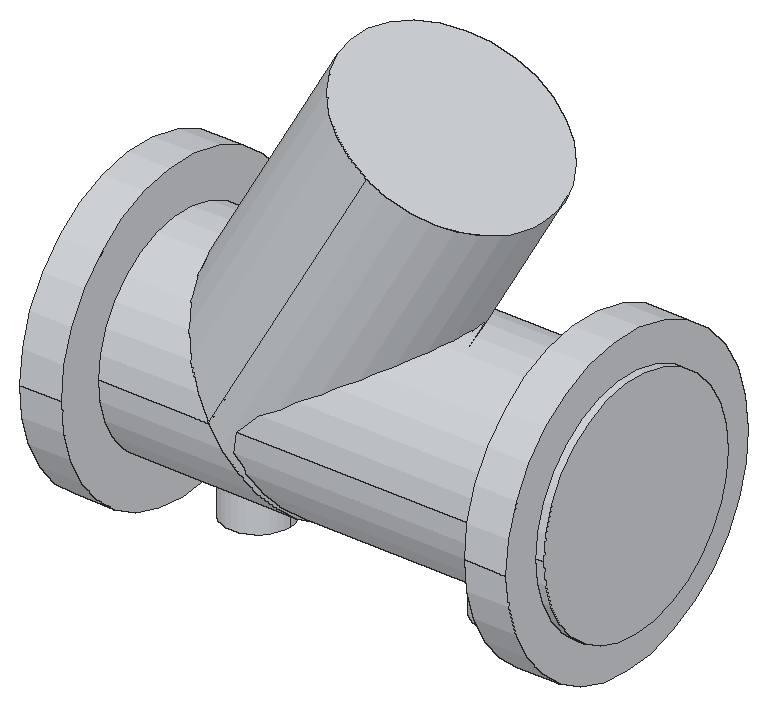
Revit family "HS 821-síto_standard-PN25-DN200-RFA_2018", category Pipe Accessories, Revit 2018
Family settings
  Round Connector Dimension = Use Diameter
  Part Type = Breaks Into
  Work Plane-Based = No
  Always vertical = Yes
  Cut with Voids When Loaded = No
  Shared = No
Parameters (values of type "821D-DN200-PN25-síto_standard")
  magiProductId = "16973f3c9ea14389ba8602495a6b64"
  magiProductFamilyId = "79214ac3aaa945e397802f559f5c1e"
  magiPartTypeId = 307
  isMeasuringValve [instance] = no
  ang2D [instance] = 0.00°
  ZB__ve = -ZB  # -56 mm
  ZB1 = 110.97 mm
  ZB = 56 mm
  X2 = 188.361 mm
  X1 = 84 mm
  W2D = 15 mm
  VersionID = "2.0/2017.9.26.1/ZETKAMA_821_001"
  Use Minimum Symbol Size [instance] = yes
  URL = "www.hydronic.cz"
  Type Comments = "Filtr přírubový; síto standardní; A-PN16 (-10~300°C); D-PN25 (-10~350°C); F-PN40 (-10~400°C)"
  S = 274 mm
  QmdConnectorList = "301;D;302;D"
  Productdata [instance] = ""
  Manufacturer = "Hydronic Systems Prague s.r.o."
  MC Product Code = "200 293 (821D; DN200; PN25; kvs707; oko síta 1,60mm)"
  LM1 = 48 mm
  LM = 480 mm
  L4 = 150 mm
  L2D_Min = 3048 mm
  L2D = 130 mm
  L2 = 300 mm
  HH2 = 326.25 mm
  FD = 360 mm
  Description = "Filtr přírubový; síto standardní; 821A-PN16; 821D-PN25; 821F-PN40"
  DM1 = 252 mm
  DM = 246.6 mm
  D = 200 mm
  CC = 10.2 mm
  CAT0 = yes
  C1 = 49.8 mm
  C = 60 mm
  BD = 77.679 mm
Types (40, lengths in mm): name | magiProductId | ZB__ve | ZB1 | ZB | X2 | X1 | S | MC Product Code | LM1 | LM | L4 | L2 | HH2 | FD | DM1 | DM | D | CC | C1 | C | BD
  821A-DN015-PN16-síto_standard | "a71bcfe8b393460598b23e8ddf7dc5" | -16.25 | 18.63 | 16.25 | 46.982 | 18.2 | 46 | "200 115 (821A; DN015; PN16; kvs6,3; oko síta 1,00mm)" | 10.4 | 104 | 32.5 | 65 | 81.375 | 95 | 27.6 | 41.4 | 15 | 2.21 | 10.79 | 13 | 13.041
  821A-DN020-PN16-síto_standard | "41cd6c7a12924f4991217528336076" | -17.75 | 22.68 | 17.75 | 51.673 | 21 | 56 | "200 120 (821A; DN020; PN16; kvs11,2; oko síta 1,00mm)" | 12 | 120 | 37.5 | 75 | 89.5 | 105 | 33.6 | 50.4 | 20 | 2.55 | 12.45 | 15 | 15.876
  821A-DN025-PN16-síto_standard | "be378b463ed14c3abf4c9b3ae8cf3a" | -19.25 | 26.325 | 19.25 | 58.601 | 22.4 | 65 | "200 125 (821A; DN025; PN16; kvs14,7; oko síta 1,00mm)" | 12.8 | 128 | 40 | 80 | 101.5 | 115 | 43.2 | 58.5 | 25 | 2.72 | 13.28 | 16 | 18.427
  821A-DN032-PN16-síto_standard | "227a0d18b21540afabe8b6067d35fa" | -23 | 30.78 | 23 | 68.849 | 25.2 | 76 | "200 132 (821A; DN032; PN16; kvs23,7; oko síta 1,00mm)" | 14.4 | 144 | 45 | 90 | 119.25 | 140 | 50.4 | 68.4 | 32 | 3.06 | 14.94 | 18 | 21.546
  821A-DN040-PN16-síto_standard | "d106917c74724141a10440112d0102" | -24.5 | 34.02 | 24.5 | 75.777 | 28 | 84 | "200 140 (821A; DN040; PN16; kvs37,7; oko síta 1,00mm)" | 16 | 160 | 50 | 100 | 131.25 | 150 | 60 | 75.6 | 40 | 3.4 | 16.6 | 20 | 23.814
  821A-DN050-PN16-síto_standard | "8255d456a09e4f6486734f5dd9171b" | -26.75 | 40.095 | 26.75 | 79.061 | 32.2 | 99 | "200 150 (821A; DN050 PN16; kvs57,9; oko síta 1,00mm)" | 18.4 | 184 | 57.5 | 115 | 136.938 | 165 | 73.8 | 89.1 | 50 | 3.91 | 19.09 | 23 | 28.066
  821A-DN065-PN16-síto_standard | "235b1b3e4c0843779a4d5e3716d40a" | -29.75 | 47.79 | 29.75 | 86.927 | 40.6 | 118 | "200 165 (821A; DN065; PN16; kvs101,5; oko síta 1,25mm)" | 23.2 | 232 | 72.5 | 145 | 150.562 | 185 | 94.2 | 106.2 | 65 | 4.93 | 24.07 | 29 | 33.453
  821A-DN080-PN16-síto_standard | "a067f7c5236348ed8c820d16df7214" | -32 | 53.46 | 32 | 104.753 | 43.4 | 132 | "200 180 (821A; DN080; PN16; kvs147,4; oko síta 1,25mm)" | 24.8 | 248 | 77.5 | 155 | 181.438 | 200 | 107.4 | 118.8 | 80 | 5.27 | 25.73 | 31 | 37.422
  821A-DN100-PN16-síto_standard | "c49a648c2747461285837d643703cd" | -35 | 63.18 | 35 | 114.857 | 49 | 156 | "200 190 (821A; DN100; PN16; kvs209,6; oko síta 1,60mm)" | 28 | 280 | 87.5 | 175 | 198.937 | 220 | 131.4 | 140.4 | 100 | 5.95 | 29.05 | 35 | 44.226
  821A-DN125-PN16-síto_standard | "bf68e728a163493cbd2a663b26ebdc" | -39.5 | 74.52 | 39.5 | 131.888 | 56 | 184 | "200 191 (821A; DN125; PN16; kvs326,2; oko síta 1,60mm)" | 32 | 320 | 100 | 200 | 228.438 | 250 | 165 | 165.6 | 125 | 6.8 | 33.2 | 40 | 52.164
  821A-DN150-PN16-síto_standard | "2de770284b654863ae6bc865769dc5" | -44.75 | 85.455 | 44.75 | 155.885 | 67.2 | 211 | "200 192 (821A; DN150; PN16; kvs403; oko síta 1,60mm)" | 38.4 | 384 | 120 | 240 | 270 | 285 | 192 | 189.9 | 150 | 8.16 | 39.84 | 48 | 59.818
  821A-DN200-PN16-síto_standard | "8e5693371ab64aabb29a7f08c76e15" | -53 | 107.73 | 53 | 188.361 | 84 | 266 | "200 193 (821A; DN200; PN16; kvs707; oko síta 1,60mm)" | 48 | 480 | 150 | 300 | 326.25 | 340 | 252 | 239.4 | 200 | 10.2 | 49.8 | 60 | 75.411
  821A-DN250-PN16-síto_standard | "05e37ed948c34047acdd4c42556504" | -62.75 | 129.195 | 62.75 | 255.911 | 102.2 | 319 | "200 194 (821A; DN250; PN16; kvs1234; oko síta 1,60mm)" | 58.4 | 584 | 182.5 | 365 | 443.25 | 405 | 309.6 | 287.1 | 250 | 12.41 | 60.59 | 73 | 90.436
  821A-DN300-PN16-síto_standard | "9ad0af747269428da925480d83ce80" | -71 | 149.85 | 71 | 325.914 | 119 | 370 | "200 195 (821A; DN300; PN16; kvs1916; oko síta 1,60mm)" | 68 | 680 | 212.5 | 425 | 564.5 | 460 | 369.6 | 333 | 300 | 14.45 | 70.55 | 85 | 104.895
  821A-DN350-PN16-síto_standard | "eebc71459bb3451bb4355e7951370a" | -80 | 173.745 | 80 | 356.875 | 137.2 | 429 | "200 196 (821A; DN350; PN16; kvs2621; oko síta 1,60mm)" | 78.4 | 784 | 245 | 490 | 618.125 | 520 | 438 | 386.1 | 350 | 16.66 | 81.34 | 98 | 121.621
  821A-DN400-PN16-síto_standard | "d2f677cb196647e385b2590e7d8abe" | -89 | 194.4 | 89 | 392.237 | 154 | 480 | "200 197 (821A; DN400; PN16; kvs3460; oko síta 1,60mm)" | 88 | 880 | 275 | 550 | 679.375 | 580 | 498 | 432 | 400 | 18.7 | 91.3 | 110 | 136.08
  821D-DN015-PN25-síto_standard | "27ddcbf555414f8ca1fde329bf9087" | -16.25 | 18.63 | 16.25 | 46.982 | 18.2 | 46 | "200 215 (821D; DN015; PN25; kvs6,3; oko síta 1,00mm)" | 10.4 | 104 | 32.5 | 65 | 81.375 | 95 | 27.6 | 41.4 | 15 | 2.21 | 10.79 | 13 | 13.041
  821D-DN020-PN25-síto_standard | "270e0f14012f47189cd0235c18faee" | -17.75 | 22.68 | 17.75 | 51.673 | 21 | 56 | "200 220 (821D; DN020; PN25; kvs11,2; oko síta 1,00mm)" | 12 | 120 | 37.5 | 75 | 89.5 | 105 | 33.6 | 50.4 | 20 | 2.55 | 12.45 | 15 | 15.876
  821D-DN025-PN25-síto_standard | "b9a7fb4aa36643878c637d8e1ab992" | -19.25 | 26.325 | 19.25 | 58.601 | 22.4 | 65 | "200 225 (821D; DN025; PN25; kvs14,7; oko síta 1,00mm)" | 12.8 | 128 | 40 | 80 | 101.5 | 115 | 43.2 | 58.5 | 25 | 2.72 | 13.28 | 16 | 18.427
  821D-DN032-PN25-síto_standard | "6be9a55c4e68400f94eec7e804204c" | -23 | 30.78 | 23 | 68.849 | 25.2 | 76 | "200 232 (821D; DN032; PN25; kvs23,7; oko síta 1,00mm)" | 14.4 | 144 | 45 | 90 | 119.25 | 140 | 50.4 | 68.4 | 32 | 3.06 | 14.94 | 18 | 21.546
  821D-DN040-PN25-síto_standard | "c54511bd7f584ec2984291479612cb" | -24.5 | 34.02 | 24.5 | 75.777 | 28 | 84 | "200 240 (821D; DN040; PN25; kvs37,7; oko síta 1,00mm)" | 16 | 160 | 50 | 100 | 131.25 | 150 | 60 | 75.6 | 40 | 3.4 | 16.6 | 20 | 23.814
  821D-DN050-PN25-síto_standard | "5483b1f596b04cd39b23a14a22c90e" | -26.75 | 40.095 | 26.75 | 79.061 | 32.2 | 99 | "200 250 (821D; DN050; PN25; kvs57,9; oko síta 1,00mm)" | 18.4 | 184 | 57.5 | 115 | 136.938 | 165 | 73.8 | 89.1 | 50 | 3.91 | 19.09 | 23 | 28.066
  821D-DN065-PN25-síto_standard | "767b0f8318e94750bc7a9930ed5b30" | -29.75 | 47.79 | 29.75 | 86.927 | 40.6 | 118 | "200 265 (821D; DN065; PN25; kvs101,5; oko síta 1,25mm)" | 23.2 | 232 | 72.5 | 145 | 150.562 | 185 | 94.2 | 106.2 | 65 | 4.93 | 24.07 | 29 | 33.453
  821D-DN080-PN25-síto_standard | "e21040fa3cc2404b858198f6b73709" | -32 | 53.46 | 32 | 104.753 | 43.4 | 132 | "200 280 (821D; DN080; PN25; kvs147,4; oko síta 1,25mm)" | 24.8 | 248 | 77.5 | 155 | 181.438 | 200 | 107.4 | 118.8 | 80 | 5.27 | 25.73 | 31 | 37.422
  821D-DN100-PN25-síto_standard | "175ca87a506b40b3bc6b82f12f33cf" | -37.25 | 63.18 | 37.25 | 114.857 | 49 | 156 | "200 290 (821D; DN100; PN25; kvs209,6; oko síta 1,60mm)" | 28 | 280 | 87.5 | 175 | 198.937 | 235 | 131.4 | 140.4 | 100 | 5.95 | 29.05 | 35 | 44.226
  821D-DN125-PN25-síto_standard | "77cc98d60da24855999a22dff726b2" | -42.5 | 74.52 | 42.5 | 131.888 | 56 | 184 | "200 291 (821D; DN125; PN25; kvs326,2; oko síta 1,60mm)" | 32 | 320 | 100 | 200 | 228.438 | 270 | 165 | 165.6 | 125 | 6.8 | 33.2 | 40 | 52.164
  821D-DN150-PN25-síto_standard | "9cf8acfcd15547d68e83172d3abcbe" | -47 | 85.455 | 47 | 155.885 | 67.2 | 211 | "200 292 (821D; DN150; PN25; kvs403; oko síta 1,60mm)" | 38.4 | 384 | 120 | 240 | 270 | 300 | 192 | 189.9 | 150 | 8.16 | 39.84 | 48 | 59.818
  821D-DN200-PN25-síto_standard | "16973f3c9ea14389ba8602495a6b64" | -56 | 110.97 | 56 | 188.361 | 84 | 274 | "200 293 (821D; DN200; PN25; kvs707; oko síta 1,60mm)" | 48 | 480 | 150 | 300 | 326.25 | 360 | 252 | 246.6 | 200 | 10.2 | 49.8 | 60 | 77.679
  821F-DN015-PN40-síto_standard | "4c7eaf3c4c0340888b3e684d8a8616" | -16.25 | 18.225 | 16.25 | 46.982 | 18.2 | 45 | "240 615 (821F; DN015; PN40; kvs6,3; oko síta 1,00mm)" | 10.4 | 104 | 32.5 | 65 | 81.375 | 95 | 27.6 | 40.5 | 15 | 2.21 | 10.79 | 13 | 12.757
  821F-DN020-PN40-síto_standard | "aaac5f1ec96b44d6ba96ac2293d66d" | -17.75 | 23.49 | 17.75 | 51.673 | 21 | 58 | "240 620 (821F; DN020; PN40; kvs11,2; oko síta 1,00mm)" | 12 | 120 | 37.5 | 75 | 89.5 | 105 | 33.6 | 52.2 | 20 | 2.55 | 12.45 | 15 | 16.443
  821F-DN025-PN40-síto_standard | "504768023968471481789485b54c7e" | -19.25 | 27.54 | 19.25 | 58.601 | 22.4 | 68 | "240 625 (821F; DN025; PN40; kvs14,7; oko síta 1,00mm)" | 12.8 | 128 | 40 | 80 | 101.5 | 115 | 43.2 | 61.2 | 25 | 2.72 | 13.28 | 16 | 19.278
  821F-DN032-PN40-síto_standard | "165e7f39cf744f329bdf1c400dad12" | -23 | 31.59 | 23 | 68.849 | 25.2 | 78 | "240 632 (821F; DN032; PN40; kvs23,7; oko síta 1,00mm)" | 14.4 | 144 | 45 | 90 | 119.25 | 140 | 50.4 | 70.2 | 32 | 3.06 | 14.94 | 18 | 22.113
  821F-DN040-PN40-síto_standard | "b8903f952089408fbf3a5a632bab1f" | -24.5 | 35.64 | 24.5 | 75.777 | 28 | 88 | "240 640 (821F; DN040; PN40; kvs37,7; oko síta 1,00mm)" | 16 | 160 | 50 | 100 | 131.25 | 150 | 60 | 79.2 | 40 | 3.4 | 16.6 | 20 | 24.948
  821F-DN050-PN40-síto_standard | "c451f97266fe48da8f879cb6a2bd44" | -26.75 | 41.31 | 26.75 | 79.061 | 32.2 | 102 | "240 650 (821F; DN050; PN40; kvs57,9; oko síta 1,00mm)" | 18.4 | 184 | 57.5 | 115 | 136.938 | 165 | 73.8 | 91.8 | 50 | 3.91 | 19.09 | 23 | 28.917
  821F-DN065-PN40-síto_standard | "dc9821e3f9b34e128f6a8c6b34c198" | -29.75 | 49.41 | 29.75 | 86.927 | 40.6 | 122 | "240 665 (821F; DN065; PN40; kvs101,5; oko síta 1,25mm)" | 23.2 | 232 | 72.5 | 145 | 150.562 | 185 | 94.2 | 109.8 | 65 | 4.93 | 24.07 | 29 | 34.587
  821F-DN080-PN40-síto_standard | "689aa1e260f84cf4994f027a1d86b5" | -32 | 55.89 | 32 | 104.753 | 43.4 | 138 | "240 680 (821F; DN080; PN40; kvs147,4; oko síta 1,25mm)" | 24.8 | 248 | 77.5 | 155 | 181.438 | 200 | 107.4 | 124.2 | 80 | 5.27 | 25.73 | 31 | 39.123
  821F-DN100-PN40-síto_standard | "8a45d4e8e2ab425f8c432f21d684f3" | -37.25 | 65.61 | 37.25 | 114.857 | 49 | 162 | "240 690 (821F; DN100; PN40; kvs209,6; oko síta 1,6mm)" | 28 | 280 | 87.5 | 175 | 198.937 | 235 | 131.4 | 145.8 | 100 | 5.95 | 29.05 | 35 | 45.927
  821F-DN125-PN40-síto_standard | "cf073904c006406b8645afa67ea2fc" | -42.5 | 76.14 | 42.5 | 131.888 | 56 | 188 | "240 691 (821F; DN125; PN40; kvs326,2; oko síta 1,6mm)" | 32 | 320 | 100 | 200 | 228.438 | 270 | 165 | 169.2 | 125 | 6.8 | 33.2 | 40 | 53.298
  821F-DN150-PN40-síto_standard | "0153b9ddabe14992a630484929fdbc" | -47 | 88.29 | 47 | 155.885 | 67.2 | 218 | "240 692 (821F; DN150; PN40; kvs403; oko síta 1,6mm)" | 38.4 | 384 | 120 | 240 | 270 | 300 | 192 | 196.2 | 150 | 8.16 | 39.84 | 48 | 61.803
  821F-DN200-PN40-síto_standard | "7fb3fc01dd8d42428c203e3f8dd4d5" | -56 | 115.425 | 56 | 188.361 | 84 | 285 | "240 693 (821F; DN200; PN40; kvs707; oko síta 1,6mm)" | 48 | 480 | 150 | 300 | 326.25 | 360 | 252 | 256.5 | 200 | 10.2 | 49.8 | 60 | 80.797
Reference planes
  plane 1 "Center (Front/Back)": y = 0
  plane 2 "XYPLANE": z = 0
  plane 3 "Center (Left/Right)": x = 0
  plane 4 "109": x = -192
  plane 5 "108": x = 240
  plane 6 "107": x = -240
  plane 7 "105": x = 300
  plane 8 "104": x = -300
  plane 9 "103": y = 0
  plane 10 "102": z = 0
  plane 11 "101": x = -289.8
  plane 12 "100": x = 289.8
  plane 13 "11": x = -108
  plane 14 "10": z = 326.25
  plane 15 "9": x = 80.361
  plane 16 "5": z = -110.97
  plane 17 "4": x = -150
  plane 18 "1": x = 150
Forms (mm)
  Extrusion 1, solid, visible <- "CAT0"
    sketch origin (-240, -750, 0) x (0, 1, 0) y (0, 0, 1)
      loop
        circle (750, 0) r 123.3
    from 0 to 480 <- "LM"
  Extrusion 2, solid
    sketch origin (-300, -750, 0) x (0, 1, 0) y (0, 0, 1)
      loop
        circle (750, 0) r 137
    from 0 to 10.2 <- "CC"
  Extrusion 3, solid
    sketch origin (-289.8, -750, 0) x (0, 1, 0) y (0, 0, 1)
      loop
        circle (750, 0) r 180
    from 0 to 49.8 <- "C1"
  Extrusion 4, solid
    sketch origin (240, -750, 0) x (0, 1, 0) y (0, 0, 1)
      loop
        circle (750, 0) r 180
    from 0 to 49.8 <- "C1"
  Extrusion 5, solid
    sketch origin (289.8, -750, 0) x (0, 1, 0) y (0, 0, 1)
      loop
        circle (750, 0) r 137
    from 0 to 10.2 <- "CC"
  Sweep 6, solid, visible <- "CAT0"
    path origin (750, 0, 0) x (-1, 0, 0) y (0, 0, 1)
      loop
        line (990, 0) -> (858, 0) -> (669.639, 326.25)
    profile origin (-240, 0, 0) x (0, 0, -1) y (0, 1, 0)
      loop
        circle (0, 0) r 126
  Extrusion 7, solid, visible <- "CAT0"
    sketch origin (-750, 0, -110.97) x (1, 0, 0) y (0, 1, 0)
      loop
        circle (600, 0) r 38.839
    from 0 to -56 <- "ZB__ve"
  Extrusion 8, solid, visible <- "CAT0"
    sketch origin (-750, 0, -110.97) x (1, 0, 0) y (0, 1, 0)
      loop
        circle (900, 0) r 38.839
    from 0 to -56 <- "ZB__ve"
  Extrusion 9, solid, not visible
    sketch origin (300, -750, 0) x (0, 1, 0) y (0, 0, 1)
      loop
        circle (750, 0) r 10
    from 0 to -10
  Extrusion 10, solid, not visible
    sketch origin (-300, -750, 0) x (0, 1, 0) y (0, 0, 1)
      loop
        circle (750, 0) r 10
    from 0 to 10
Lines and regions (mm)
  reference lines, not visible
    curve 1: circle (2, 2, 0) r 1 normal (0, 0, 1)
Dimensions and locks
  plane 1 "Center (Front/Back)" to curve 1 = 2 mm
  "LM1": plane 6 "107" to plane 4 "109"
  "LM": plane 6 "107" to plane 5 "108"
  "C": plane 8 "104" to plane 6 "107"
  "L2": plane 3 "Center (Left/Right)" to plane 7 "105"
  "L2": plane 3 "Center (Left/Right)" to plane 8 "104"
  locked: plane 1 "Center (Front/Back)" to plane 9 "103"
  locked: plane 2 "XYPLANE" to plane 10 "102"
  "CC": plane 8 "104" to plane 11 "101"
  "C1": plane 5 "108" to plane 12 "100"
  "X1": plane 4 "109" to plane 13 "11"
  "HH2": plane 2 "XYPLANE" to plane 14 "10"
  "X2": plane 13 "11" to plane 15 "9"
  "ZB1": plane 2 "XYPLANE" to plane 16 "5"
  "L4": plane 8 "104" to plane 17 "4"
  "L2": plane 17 "4" to plane 18 "1"
  Sweep 6 sketch curve to Sweep 6 sketch curve = 0 mm  (x2)
  "DM": diameter of Extrusion 1 sketch curve
  "S": diameter of Extrusion 2 sketch curve
  "FD": diameter of Extrusion 3 sketch curve
  "FD": diameter of Extrusion 4 sketch curve
  "S": diameter of Extrusion 5 sketch curve
  "DM1": diameter of Sweep 6 sketch curve
  "BD": diameter of Extrusion 7 sketch curve
  "BD": diameter of Extrusion 8 sketch curve
  aligned and locked: level to plane 2 "XYPLANE"
  aligned and locked: Extrusion 1 sketch curve to plane 9 "103"
  aligned and locked: plane 10 "102" to Extrusion 1 sketch curve
  aligned and locked: Extrusion 2 sketch curve to plane 9 "103"
  aligned and locked: plane 10 "102" to Extrusion 2 sketch curve
  aligned and locked: Extrusion 3 sketch curve to plane 9 "103"
  aligned and locked: plane 10 "102" to Extrusion 3 sketch curve
  aligned and locked: Extrusion 4 sketch curve to plane 9 "103"
  aligned and locked: plane 10 "102" to Extrusion 4 sketch curve
  aligned and locked: Extrusion 5 sketch curve to plane 9 "103"
  aligned and locked: plane 10 "102" to Extrusion 5 sketch curve
  aligned and locked: Sweep 6 sketch curve to plane 9 "103"
  aligned and locked: plane 10 "102" to Sweep 6 sketch curve  (x3)
  aligned and locked: plane 6 "107" to Sweep 6 sketch curve
  aligned and locked: plane 13 "11" to Sweep 6 sketch curve
  aligned and locked: plane 14 "10" to Sweep 6 sketch curve
  aligned and locked: plane 15 "9" to Sweep 6 sketch curve
  aligned and locked: plane 9 "103" to Extrusion 7 sketch curve
  aligned and locked: plane 17 "4" to Extrusion 7 sketch curve
  aligned and locked: plane 9 "103" to Extrusion 8 sketch curve
  aligned and locked: plane 18 "1" to Extrusion 8 sketch curve
  aligned and locked: Extrusion 9 sketch curve to plane 9 "103"
  aligned and locked: plane 10 "102" to Extrusion 9 sketch curve
  aligned and locked: Extrusion 10 sketch curve to plane 9 "103"
  aligned and locked: plane 10 "102" to Extrusion 10 sketch curve
Automatic sketch dimensions
  plane 1 "Center (Front/Back)" to Extrusion 9 sketch curve = 10 mm
  plane 1 "Center (Front/Back)" to Extrusion 10 sketch curve = 10 mm
  plane 3 "Center (Left/Right)" to curve 1 = 2 mm
  radius of curve 1 = 1 mm
Connectors
  piping at (-300, 0, 0), diameter 200, driven by "D"
    settings: on Extrusion 10, index 1, connector inside diameter 609.6 mm, connector length 0 mm, flow factor 0, pipe flow 0.0 L/s, pressure drop 0.0 Pa, fitting loss kfactor 0, connector angle 0.00°, fixture units 0, engagement length 0 mm, angle of deflection 0.00°, flow configuration 0, flow direction 0, fitting loss method 0, system type 29, joint type 0, gender type 0, connector reference index 2, connector utility 0, adjustable connector no, is connector primary yes, connector description ""
  piping at (300, 0, 0), diameter 200, driven by "D"
    settings: on Extrusion 9, index 2, connector inside diameter 609.6 mm, connector length 0 mm, flow factor 0, pipe flow 0.0 L/s, pressure drop 0.0 Pa, fitting loss kfactor 0, connector angle 0.00°, fixture units 0, engagement length 0 mm, angle of deflection 0.00°, flow configuration 0, flow direction 0, fitting loss method 0, system type 29, joint type 0, gender type 0, connector reference index 1, connector utility 0, adjustable connector no, is connector primary no, connector description ""
